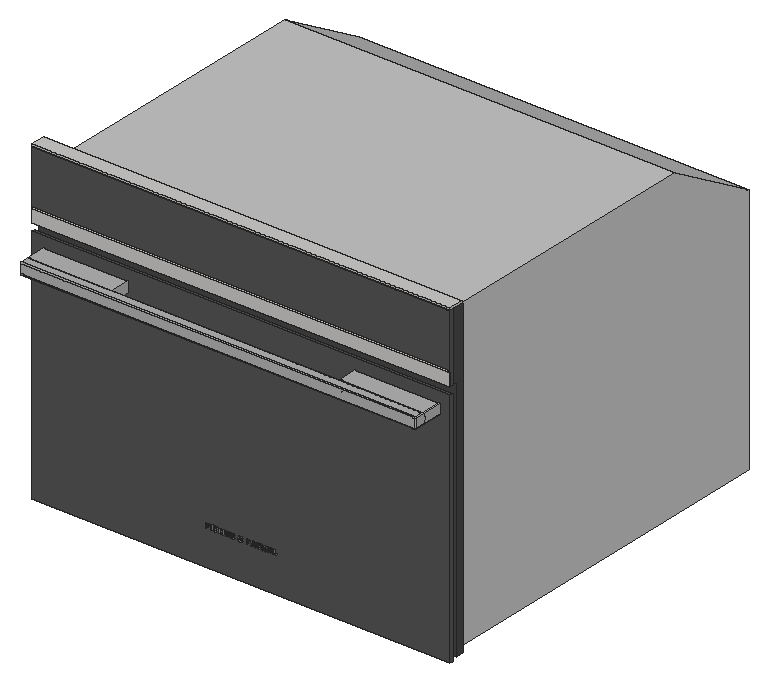
Revit family "FP_Revit_18_OM60NDB1_Microwave_Oven_90000813A", category Specialty Equipment, Revit 2018
Family settings
  Round Connector Dimension = Use Diameter
  Part Type = Normal
  OmniClass Number = 23.40.40.14.17.31
  OmniClass Title = Small Specialized Cooking Equipment
  Work Plane-Based = No
  Always vertical = Yes
  Cut with Voids When Loaded = Yes
  Shared = No
  Room Calculation Point = No
Parameters (values of type "OM60NDB1")
  Visibility - Clearance Required = yes
  URL = "www.fisherpaykel.com"
  Product - Width = 596 mm  # constant formula
  Product - Height = 458 mm  # constant formula
  Product - Depth = 562 mm  # constant formula
  Model = "OM60NDB1"
  Material - Trim = Fisher & Paykel - Stainless Steel
  Material - Structure = Fisher & Paykel - Black
  Material - Handle = Fisher & Paykel - Aluminium
  Material - Glass = Fisher & Paykel - Glass, Black
  Material - Body = Fisher & Paykel - Grey
  Manufacturer = "Fisher & Paykel Appliances"
  FFL Offset [instance] = 900 mm
  Description = "60cm Microwave Oven"
  Connector Description - Electrical = "220-240 V, 50 Hz, 14.5 A"
  Chassis - Width = 556 mm  # constant formula
  Chassis - Height = 446 mm  # constant formula
  Chassis - Depth = 540 mm  # constant formula
  Cavity - Width = 560 mm  # constant formula
  Cavity - Height = 460 mm  # constant formula
  Cavity - Depth = 560 mm  # constant formula
Reference planes
  plane 1 "Center (Front/Back)": y = 0
  plane 2: z = 0
  plane 3 "Center (Left/Right)": x = 0
  plane 4: z = 1360
  plane 5: z = 1358
  plane 6 "Product LHS": x = -298
  plane 7 "Product RHS": x = 298
  plane 8 "Product - Depth": y = 0
  plane 9 "Cavity LHS": x = -300
  plane 10 "Cavity RHS": x = 300
  plane 11 "Cavity - Depth": y = 560
  plane 12 "Front Face": y = -22
  plane 13 "Chassis - Height": z = 0
  plane 14 "Product Depth": y = 540
  plane 15 "FFL Offset": z = 900
Forms (mm)
  Extrusion 1, solid, material "Fisher & Paykel - Grey" <- "Material - Body"
    sketch origin (0, 0, 0) x (0, 1, 0) y (0, 0, 1)
      loop
        line (0, 1346) -> (0, 907.28) -> (5.16, 907.28) -> (5.16, 900) -> (534.187, 900) -> (534.187, 1257.991) -> (403.295, 1336.64) -> (24.316, 1336.64) -> (8.71, 1346) -> (0, 1346)
    from -278 to 278
  Extrusion 2, solid, material "Fisher & Paykel - Black" <- "Material - Structure", detail levels fine
    sketch origin (0, 0, 0) x (0, 1, 0) y (0, 0, 1)
      loop
        line (0, 1353.9) -> (-2, 1353.9) -> (-2, 1355) -> (-18, 1355) -> (-18, 1258) -> (-9.89, 1258) -> (-9.89, 907.28) -> (0, 907.28) -> (0, 1353.9)
    from -298 to 298
  Extrusion 3, solid, material "Fisher & Paykel - Stainless Steel" <- "Material - Trim", detail levels fine
    sketch origin (0, 0, 0) x (0, 1, 0) y (0, 0, 1)
      loop
        line (-22, 1358) -> (-22, 1355) -> (-2, 1355) -> (-2, 1358) -> (-22, 1358)
    from -298 to 298
  Extrusion 4, solid, material "Fisher & Paykel - Glass, Black" <- "Material - Glass", detail levels fine
    sketch origin (0, 0, 0) x (0, 1, 0) y (0, 0, 1)
      loop
        line (-18, 1355) -> (-20.262, 1355)
        arc (-20.262, 1355) -> (-21.236, 1354.682) -> (-22, 1354) r 2.5
        line (-22, 1354) -> (-22, 1258) -> (-18, 1258) -> (-18, 1355)
    from -298 to 298
  Extrusion 5, solid, material "Fisher & Paykel - Glass, Black" <- "Material - Glass", detail levels fine
    sketch origin (0, 0, 0) x (0, 1, 0) y (0, 0, 1)
      loop
        line (-22, 1246.53) -> (-22, 904.53) -> (-18, 904.53) -> (-18, 1246.53) -> (-22, 1246.53)
    from -298 to 298
  Extrusion 6, solid, material "Fisher & Paykel - Black" <- "Material - Structure", detail levels fine
    sketch origin (0, 0, 0) x (0, 1, 0) y (0, 0, 1)
      loop
        line (-18, 1229.33) -> (-18, 907.28) -> (-9.89, 907.28) -> (-9.89, 1229.33) -> (-18, 1229.33)
    from -278 to 278
  Extrusion 7, void
    sketch origin (0, 0, 0) x (1, 0, 0) y (0, 0, 1)
      loop
        line (-158.462, 1052.91) -> (-229.24, 1052.91)
        arc (-229.24, 1052.91) -> (-232.776, 1051.446) -> (-234.24, 1047.91) r 5
        line (-234.24, 1047.91) -> (-234.24, 955.13)
        arc (-234.24, 955.13) -> (-232.776, 951.594) -> (-229.24, 950.13) r 5
        line (-229.24, 950.13) -> (-158.462, 950.13)
        arc (-158.462, 950.13) -> (-154.926, 951.594) -> (-153.462, 955.13) r 5
        line (-153.462, 955.13) -> (-153.462, 1047.91)
        arc (-153.462, 1047.91) -> (-154.926, 1051.446) -> (-158.462, 1052.91) r 5
    from -539.6 to -521.6
  Sweep 8, void
    path in 3D
      loop
        arc (-153.462, 521.6, 955.13) -> (-154.926, 521.6, 951.594) -> (-158.462, 521.6, 950.13) r 5
        line (-158.462, 521.6, 950.13) -> (-229.24, 521.6, 950.13)
        arc (-229.24, 521.6, 950.13) -> (-232.776, 521.6, 951.594) -> (-234.24, 521.6, 955.13) r 5
        line (-234.24, 521.6, 955.13) -> (-234.24, 521.6, 1047.91)
        arc (-234.24, 521.6, 1047.91) -> (-232.776, 521.6, 1051.446) -> (-229.24, 521.6, 1052.91) r 5
        line (-229.24, 521.6, 1052.91) -> (-158.462, 521.6, 1052.91)
        arc (-158.462, 521.6, 1052.91) -> (-154.926, 521.6, 1051.446) -> (-153.462, 521.6, 1047.91) r 5
        line (-153.462, 521.6, 1047.91) -> (-153.462, 521.6, 955.13)
    profile origin (-153.462, 521.6, 1001.52) x (-1, 0, 0) y (0, -1, 0)
      loop
        line (0, 0) -> (-21.3, -12.587) -> (0, -12.587) -> (0, 0)
  Extrusion 9, solid, material "Fisher & Paykel - Grey" <- "Material - Body", detail levels medium+fine
    sketch origin (0, 0, -100) x (1, 0, 0) y (0, 0, 1)
      loop
        line (-175.354, 1115.273) -> (-212.354, 1115.273) -> (-212.354, 1057.273) -> (-175.354, 1057.273) -> (-175.354, 1115.273)
    from -540 to -521.6
  Extrusion 10, solid, material "Fisher & Paykel - Stainless Steel" <- "Material - Trim", detail levels fine
    sketch origin (0, 0, 0) x (0, 1, 0) y (0, 0, 1)
      loop
        line (-22, 1258) -> (-22, 1277.8) -> (-22.8, 1277.8) -> (-23.7, 1275.5) -> (-23.7, 1258) -> (-22, 1258)
    from -298 to 298
  Extrusion 11, solid, material "Fisher & Paykel - Clearance Required", visible <- "Visibility - Clearance Required", detail levels coarse
    sketch origin (0, 0, 0) x (1, 0, 0) y (0, 1, 0)
      loop
        line (-280, 0) -> (280, 0) -> (280, 548.619) -> (-280, 548.619) -> (-280, 0)
    from 900 to 1360
  Extrusion 12, solid, material "Fisher & Paykel - Clearance Required", visible <- "Visibility - Clearance Required", detail levels coarse
    sketch origin (0, 0, 0) x (0, 1, 0) y (0, 0, 1)
      loop
        arc (-22, 1246.53) -> (-241.159, 1161.206) -> (-341.563, 948.532) r 317.644
        line (-341.563, 948.532) -> (-326.406, 946.445) -> (-332.106, 905.048) -> (-316.871, 902.951) -> (-311.171, 944.347) -> (-22, 904.53) -> (-22, 900) -> (0, 900) -> (0, 1360) -> (-22, 1360) -> (-22, 1246.53)
    from -300 to 300
  Sweep 13, solid, material "Fisher & Paykel - Grey" <- "Material - Body", detail levels fine
    path origin (0, 0, -100) x (0, 1, 0) y (0, 0, 1)
      loop
        arc (530.8, 1057.273) -> (536.019, 1044.673) -> (548.619, 1039.454) r 17.819
    profile origin (0, 536.019, 944.673) x (0, 0.707107, 0.707107) y (1, 0, 0)
      loop
        circle (0, -193.854) r 5
  Extrusion 14, solid, material "Fisher & Paykel - Glass, Black" <- "Material - Glass", detail levels coarse+medium
    sketch origin (0, 0, 0) x (0, 1, 0) y (0, 0, 1)
      loop
        line (-22, 1358) -> (-22, 1258) -> (-9.89, 1258) -> (-9.89, 1229.33) -> (-18, 1229.33) -> (-18, 1246.53) -> (-22, 1246.53) -> (-22, 904.53) -> (-18, 904.53) -> (-18, 907.28) -> (0, 907.28) -> (0, 1353.9) -> (-2, 1353.9) -> (-2, 1358) -> (-22, 1358)
    from -298 to 298
  Extrusion 15, solid, material "Fisher & Paykel - Grey" <- "Material - Body", not visible, detail levels medium+fine
    sketch origin (0, 0, 0) x (1, 0, 0) y (0, 0, 1)
      loop
        line (-175.354, 1115.273) -> (-212.354, 1115.273) -> (-212.354, 1057.273) -> (-175.354, 1057.273) -> (-175.354, 1115.273)
    from -540 to -521.6
  Sweep 16, solid, material "Fisher & Paykel - Grey" <- "Material - Body", not visible, detail levels fine
    path origin (0, 0, 0) x (0, 1, 0) y (0, 0, 1)
      loop
        arc (530.8, 1057.273) -> (536.019, 1044.673) -> (548.619, 1039.454) r 17.819
    profile origin (0, 536.019, 1044.673) x (0, 0.707107, 0.707107) y (1, 0, 0)
      loop
        circle (0, -193.854) r 5
  Extrusion 17, void
    sketch origin (0, 0, 0) x (1, 0, 0) y (0, 1, 0)
      loop
        line (-280, 0) -> (280, 0) -> (280, 548.619) -> (-280, 548.619) -> (-280, 0)
    from 900 to 1360
  Extrusion 18, solid, material "Fisher & Paykel - Clearance Required", visible <- "Visibility - Clearance Required", detail levels coarse
    sketch origin (0, 0, 0) x (0, 1, 0) y (0, 0, 1)
      loop
        arc (-22, 1246.53) -> (-241.159, 1161.206) -> (-341.563, 948.532) r 317.644
        line (-341.563, 948.532) -> (-326.406, 946.445) -> (-332.106, 905.048) -> (-316.871, 902.951) -> (-311.171, 944.347) -> (-22, 904.53) -> (-22, 900) -> (0, 900) -> (0, 1360) -> (-22, 1360) -> (-22, 1246.53)
    from -300 to 300
  Extrusion 19, void
    sketch origin (0, 0, 0) x (0, 1, 0) y (0, 0, 1)
      loop
        line (-22, 1360) -> (-22, 900) -> (0, 900) -> (0, 1360) -> (-22, 1360)
    from -300 to 300
Cuts and joins
  Extrusion 7, Sweep 8 cuts Extrusion 1
  Extrusion 7 cuts Extrusion 2
  Extrusion 7 cuts Extrusion 5
  Extrusion 7 cuts Extrusion 6
Lines and regions (mm)
  sketch lines
    curve 1: line (-153.462, 521.6, 1047.91) -> (-153.462, 521.6, 955.13)
    curve 2: arc (-153.462, 521.6, 1047.91) -> (-154.926, 521.6, 1051.446) -> (-158.462, 521.6, 1052.91) r 5
    curve 3: line (-229.24, 521.6, 1052.91) -> (-158.462, 521.6, 1052.91)
    curve 4: arc (-229.24, 521.6, 1052.91) -> (-232.776, 521.6, 1051.446) -> (-234.24, 521.6, 1047.91) r 5
    curve 5: line (-234.24, 521.6, 955.13) -> (-234.24, 521.6, 1047.91)
    curve 6: arc (-234.24, 521.6, 955.13) -> (-232.776, 521.6, 951.594) -> (-229.24, 521.6, 950.13) r 5
    curve 7: arc (-158.462, 521.6, 950.13) -> (-154.926, 521.6, 951.594) -> (-153.462, 521.6, 955.13) r 5
    curve 8: line (-158.462, 521.6, 950.13) -> (-229.24, 521.6, 950.13)
Text (mm)
  text "Due to ongoing product development, product details are subject to change without notice. \nPlease always refer to www.fisherpaykel.com for the most current product information. \n© Fisher & Paykel 2020" at (41.04, -413.295, 0), in view "Ref. Level (Plan)"
Dimensions and locks
  equal spacing: plane 6 "Product LHS", plane 3 "Center (Left/Right)", plane 7 "Product RHS"
  "Product - Width": plane 6 "Product LHS" to plane 7 "Product RHS"
  equal spacing: plane 9 "Cavity LHS", plane 3 "Center (Left/Right)", plane 10 "Cavity RHS"
  locked: plane 9 "Cavity LHS" to plane 10 "Cavity RHS" at 600
  "Cavity - Depth": plane 11 "Cavity - Depth" to plane 1 "Center (Front/Back)"
  locked: plane 12 "Front Face" to plane 1 "Center (Front/Back)" at 22
  "Chassis - Depth": plane 1 "Center (Front/Back)" to plane 14 "Product Depth"
  Extrusion 1 sketch curve to plane 14 "Product Depth" = 5.813 mm
  equal spacing: cut or joined group of Extrusion 1, Extrusion 7, Sweep 8, plane 3 "Center (Left/Right)", cut or joined group of Extrusion 1, Extrusion 7, Sweep 8
  "Chassis - Width": cut or joined group of Extrusion 1, Extrusion 7, Sweep 8 to cut or joined group of Extrusion 1, Extrusion 7, Sweep 8
  "FFL Offset": plane 15 "FFL Offset" to level
  locked: nested 2 to plane 15 "FFL Offset" at 61.04
  locked: cut or joined group of Extrusion 1, Extrusion 7, Sweep 8 to plane 15 "FFL Offset" at 7.28
  locked: Extrusion 14 to plane 15 "FFL Offset" at 4.53
  locked: cut or joined group of Extrusion 1, Extrusion 7, Sweep 8 to plane 15 "FFL Offset" at 436.64
  "Chassis - Height": cut or joined group of Extrusion 1, Extrusion 7, Sweep 8 to plane 15 "FFL Offset"
  Extrusion 11 to plane 15 "FFL Offset" = 460 mm
  locked: plane 15 "FFL Offset" to Extrusion 9 at 57.273
  locked: plane 15 "FFL Offset" to cut or joined group of Extrusion 1, Extrusion 7, Sweep 8 at 50.13
  "Product - Height": plane 5 to plane 15 "FFL Offset"
  "Cavity - Height": plane 4 to plane 15 "FFL Offset"
  locked: nested 1 to plane 15 "FFL Offset" at 330.978
  locked: plane 5 to Extrusion 14 at 100
  locked: plane 5 to Extrusion 14 at 111.47
  locked: Extrusion 12 sketch curve to plane 15 "FFL Offset" at 4.53
  locked: plane 15 "FFL Offset" to Extrusion 7 sketch curve at 152.91
  locked: plane 15 "FFL Offset" to Extrusion 7 sketch curve at 50.13
  "Cavity - Width": Extrusion 17 to Extrusion 17
  aligned and locked: level to plane 2
  aligned and locked: Extrusion 3 sketch curve to plane 5
  aligned and locked: plane 6 "Product LHS" to Extrusion 5
  aligned and locked: Extrusion 5 to plane 7 "Product RHS"
  aligned and locked: Extrusion 4 to plane 7 "Product RHS"
  aligned and locked: plane 6 "Product LHS" to Extrusion 4
  aligned and locked: plane 6 "Product LHS" to Extrusion 3
  aligned and locked: Extrusion 3 to plane 7 "Product RHS"
  aligned and locked: plane 6 "Product LHS" to Extrusion 2
  aligned and locked: Extrusion 2 to plane 7 "Product RHS"
  aligned and locked: plane 14 "Product Depth" to Extrusion 9
  aligned and locked: cut or joined group of Extrusion 1, Extrusion 7, Sweep 8 to Extrusion 9
  aligned and locked: Extrusion 10 to plane 7 "Product RHS"
  aligned and locked: plane 6 "Product LHS" to Extrusion 10
  aligned and locked: Extrusion 14 to plane 7 "Product RHS"
  aligned and locked: plane 6 "Product LHS" to Extrusion 14
  aligned and locked: Extrusion 1 to plane 15 "FFL Offset"
  aligned and locked: Extrusion 11 to cut or joined group of Extrusion 1, Extrusion 7, Sweep 8
  aligned and locked: Extrusion 14 to cut or joined group of Extrusion 1, Extrusion 7, Sweep 8
  aligned and locked: Extrusion 2 to cut or joined group of Extrusion 1, Extrusion 7, Sweep 8
  aligned and locked: Extrusion 6 to cut or joined group of Extrusion 1, Extrusion 7, Sweep 8
  aligned and locked: plane 5 to Extrusion 3
  aligned and locked: plane 5 to Extrusion 14
  aligned and locked: Extrusion 10 to Extrusion 4
  aligned and locked: Extrusion 14 to Extrusion 4
  aligned and locked: Extrusion 4 to cut or joined group of Extrusion 2, Extrusion 7
  aligned and locked: Extrusion 5 to Extrusion 14  (x2)
  aligned and locked: plane 4 to Extrusion 11
  aligned and locked: Extrusion 11 to Sweep 13
  aligned and locked: Extrusion 12 sketch curve to plane 15 "FFL Offset"
  aligned and locked: Extrusion 12 sketch curve to plane 4
  aligned and locked: plane 4 to Extrusion 17
  aligned and locked: Extrusion 17 to cut or joined group of Extrusion 1, Extrusion 7, Sweep 8
  aligned and locked: plane 15 "FFL Offset" to Extrusion 19 sketch curve
  aligned and locked: Extrusion 19 sketch curve to plane 4
Automatic sketch dimensions
  Extrusion 9 sketch curve to Extrusion 9 sketch curve = 37 mm
  Extrusion 9 sketch curve to Extrusion 9 sketch curve = 58 mm
  Sweep 13 sketch curve to profile plane = 0 mm
  Sweep 13 sketch curve to Sweep 13 sketch curve = 17.819 mm
  Sweep 13 sketch curve to profile plane = 193.854 mm
  Extrusion 15 sketch curve to Extrusion 15 sketch curve = 37 mm
  Extrusion 15 sketch curve to Extrusion 15 sketch curve = 58 mm
  Sweep 16 sketch curve to profile plane = 0 mm
  Sweep 16 sketch curve to Sweep 16 sketch curve = 17.819 mm
  Sweep 16 sketch curve to profile plane = 193.854 mm
  Extrusion 1 sketch curve to plane 1 "Center (Front/Back)" = 0 mm
  Extrusion 1 sketch curve to plane 15 "FFL Offset" = 0 mm
  Extrusion 1 sketch curve to plane 1 "Center (Front/Back)" = 5.16 mm
  Extrusion 1 sketch curve to Extrusion 1 sketch curve = 8.71 mm
  Extrusion 1 sketch curve to Extrusion 1 sketch curve = 15.606 mm
  Extrusion 1 sketch curve to plane 5 = 21.36 mm
  Extrusion 1 sketch curve to plane 14 "Product Depth" = 136.705 mm
  Extrusion 1 sketch curve to Extrusion 1 sketch curve = 7.28 mm
  Extrusion 1 sketch curve to plane 5 = 100.009 mm
  Extrusion 1 sketch curve to plane 5 = 12 mm
  Extrusion 2 sketch curve to plane 1 "Center (Front/Back)" = 0 mm
  plane 1 "Center (Front/Back)" to Extrusion 2 sketch curve = 2 mm
  plane 1 "Center (Front/Back)" to Extrusion 2 sketch curve = 9.89 mm
  plane 12 "Front Face" to Extrusion 2 sketch curve = 4 mm
  plane 15 "FFL Offset" to Extrusion 2 sketch curve = 7.28 mm
  Extrusion 2 sketch curve to plane 5 = 100 mm
  Extrusion 2 sketch curve to plane 5 = 4.1 mm
  Extrusion 2 sketch curve to Extrusion 2 sketch curve = 1.1 mm
  Extrusion 3 sketch curve to plane 12 "Front Face" = 0 mm
  plane 1 "Center (Front/Back)" to Extrusion 3 sketch curve = 2 mm
  Extrusion 3 sketch curve to plane 5 = 3 mm
  Extrusion 4 sketch curve to plane 12 "Front Face" = 0 mm
  plane 12 "Front Face" to Extrusion 4 sketch curve = 1.738 mm
  plane 12 "Front Face" to Extrusion 4 sketch curve = 2.011 mm
  plane 12 "Front Face" to Extrusion 4 sketch curve = 4 mm
  Extrusion 4 sketch curve to plane 5 = 100 mm
  Extrusion 4 sketch curve to plane 5 = 5.485 mm
  Extrusion 4 sketch curve to Extrusion 4 sketch curve = 1.485 mm
  Extrusion 5 sketch curve to plane 12 "Front Face" = 0 mm
  plane 12 "Front Face" to Extrusion 5 sketch curve = 4 mm
  plane 15 "FFL Offset" to Extrusion 5 sketch curve = 4.53 mm
  Extrusion 5 sketch curve to plane 5 = 111.47 mm
  plane 12 "Front Face" to Extrusion 6 sketch curve = 4 mm
  Extrusion 6 sketch curve to Extrusion 6 sketch curve = 8.11 mm
  plane 15 "FFL Offset" to Extrusion 6 sketch curve = 7.28 mm
  Extrusion 6 sketch curve to plane 5 = 128.67 mm
  Extrusion 7 sketch curve to plane 6 "Product LHS" = 63.76 mm
  Extrusion 7 sketch curve to Extrusion 7 sketch curve = 5 mm  (x3)
  Extrusion 7 sketch curve to Extrusion 7 sketch curve = 70.778 mm  (x2)
  Sweep 8 sketch curve to profile plane = 0 mm  (x2)
  Sweep 8 sketch curve to profile plane = 21.3 mm
  profile plane to Sweep 8 sketch curve = 12.587 mm
  Extrusion 10 sketch curve to plane 12 "Front Face" = 0 mm
  Extrusion 10 sketch curve to Extrusion 10 sketch curve = 0.8 mm
  Extrusion 10 sketch curve to plane 12 "Front Face" = 1.7 mm
  Extrusion 10 sketch curve to plane 5 = 100 mm
  Extrusion 10 sketch curve to Extrusion 10 sketch curve = 17.5 mm
  Extrusion 10 sketch curve to Extrusion 10 sketch curve = 2.3 mm
  plane 1 "Center (Front/Back)" to Extrusion 11 sketch curve = 0 mm
  plane 14 "Product Depth" to Extrusion 11 sketch curve = 8.619 mm
  Extrusion 11 sketch curve to plane 6 "Product LHS" = 18 mm
  plane 7 "Product RHS" to Extrusion 11 sketch curve = 18 mm
  Extrusion 12 sketch curve to plane 12 "Front Face" = 0 mm  (x2)
  Extrusion 12 sketch curve to plane 1 "Center (Front/Back)" = 0 mm
  Extrusion 12 sketch curve to plane 12 "Front Face" = 2.526 mm
  plane 15 "FFL Offset" to Extrusion 12 sketch curve = 44.347 mm
  Extrusion 12 sketch curve to Extrusion 12 sketch curve = 286.644 mm
  plane 15 "FFL Offset" to Extrusion 12 sketch curve = 2.951 mm
  plane 15 "FFL Offset" to Extrusion 12 sketch curve = 46.445 mm
  Extrusion 12 sketch curve to Extrusion 12 sketch curve = 15.235 mm
  plane 15 "FFL Offset" to Extrusion 12 sketch curve = 48.532 mm
  Extrusion 12 sketch curve to Extrusion 12 sketch curve = 24.366 mm
  Extrusion 14 sketch curve to plane 5 = 0 mm
  Extrusion 14 sketch curve to plane 12 "Front Face" = 0 mm  (x2)
  Extrusion 14 sketch curve to plane 1 "Center (Front/Back)" = 0 mm
  plane 12 "Front Face" to Extrusion 14 sketch curve = 4 mm  (x2)
  plane 1 "Center (Front/Back)" to Extrusion 14 sketch curve = 9.89 mm
  plane 1 "Center (Front/Back)" to Extrusion 14 sketch curve = 2 mm
  Extrusion 14 sketch curve to plane 5 = 4.1 mm
  Extrusion 14 sketch curve to Extrusion 14 sketch curve = 95.9 mm
  Extrusion 14 sketch curve to Extrusion 14 sketch curve = 11.47 mm
  Extrusion 14 sketch curve to Extrusion 14 sketch curve = 17.2 mm
  plane 15 "FFL Offset" to Extrusion 14 sketch curve = 7.28 mm
  Extrusion 14 sketch curve to Extrusion 14 sketch curve = 2.75 mm
  plane 1 "Center (Front/Back)" to Extrusion 17 sketch curve = 0 mm
  plane 14 "Product Depth" to Extrusion 17 sketch curve = 8.619 mm
  Extrusion 17 sketch curve to plane 6 "Product LHS" = 18 mm
  plane 7 "Product RHS" to Extrusion 17 sketch curve = 18 mm
  Extrusion 18 sketch curve to plane 12 "Front Face" = 0 mm  (x2)
  Extrusion 18 sketch curve to plane 1 "Center (Front/Back)" = 0 mm
  Extrusion 18 sketch curve to plane 15 "FFL Offset" = 0 mm
  Extrusion 18 sketch curve to plane 4 = 0 mm
  Extrusion 18 sketch curve to plane 12 "Front Face" = 2.526 mm
  plane 15 "FFL Offset" to Extrusion 18 sketch curve = 44.347 mm
  Extrusion 18 sketch curve to Extrusion 18 sketch curve = 286.644 mm
  plane 15 "FFL Offset" to Extrusion 18 sketch curve = 2.951 mm
  Extrusion 18 sketch curve to Extrusion 18 sketch curve = 5.7 mm
  plane 15 "FFL Offset" to Extrusion 18 sketch curve = 46.445 mm
  Extrusion 18 sketch curve to Extrusion 18 sketch curve = 15.235 mm
  plane 15 "FFL Offset" to Extrusion 18 sketch curve = 48.532 mm
  Extrusion 18 sketch curve to Extrusion 18 sketch curve = 24.366 mm
  Extrusion 19 sketch curve to plane 12 "Front Face" = 0 mm
  Extrusion 19 sketch curve to plane 1 "Center (Front/Back)" = 0 mm
  radius of Sweep 13 sketch curve = 5 mm
  radius of Sweep 16 sketch curve = 5 mm
Nested families
  nested 1: "F&P Handle Contemporary Square OB60-24" at (0, -22, 1223), type "Aluminium"
  nested 2: "F&P Logo 100mm" at (0, -22, 955), type "F&P Logo 100mm"
Connectors
  electrical at (-193.854, 548.619, 939.454), driven by "Connector Description - Electrical"
    settings: on Sweep 13, index 1, voltage 230 V, apparent load 0 VA, apparent load phase1 0 VA, apparent load phase2 0 VA, apparent load phase3 0 VA, power factor 1, load classification "Other", number of poles 1, system type 30, power factor state 1, is connector primary yes, connector utility no, sub classification motor no, connector description "220-240 V, 50 Hz, 14.5 A"
Definition of nested family "F&P Handle Contemporary Square OB60-24"
  Parameters (values of type "Aluminium Dark")
    URL = "www.fisherpaykel.com"
    Material - Handle = none
    Manufacturer = "Fisher & Paykel Appliances"
    Handle - Length = 565 mm
  Types (2): name
    Aluminium
    Aluminium Dark
  Reference planes
    plane 1 "Center (Front/Back)": y = 0
    plane 2: z = 0
    plane 3 "Center (Left/Right)": x = 0
    plane 4 "Product LHS": x = -282.5
    plane 5 "Product RHS": x = 282.5
    plane 6 "LHS Standoff": x = -162.495
    plane 7 "RHS Standoff": x = 162.505
  Forms (mm)
    Extrusion 1, solid, material <- "Material - Handle", detail levels fine
      sketch origin (0, 0, 0) x (0, 1, 0) y (0, 0, 1)
        loop
          arc (-28.701, 7.561) -> (-29.057, 7.868) -> (-29.514, 7.978) r 1
          line (-29.514, 7.978) -> (-40.5, 7.978)
          arc (-40.5, 7.978) -> (-41.561, 7.539) -> (-42, 6.478) r 1.5
          line (-42, 6.478) -> (-42, -6.522)
          arc (-42, -6.522) -> (-41.561, -7.583) -> (-40.5, -8.022) r 1.5
          line (-40.5, -8.022) -> (-29.487, -8.022)
          arc (-29.487, -8.022) -> (-29.029, -7.911) -> (-28.673, -7.602) r 1
          arc (-28.673, -7.602) -> (-26.256, -0.016) -> (-28.701, 7.561) r 13.038
      from -282.5 to 282.5
    Extrusion 2, solid, material <- "Material - Handle", detail levels fine
      sketch origin (0, 0, 0) x (0, 1, 0) y (0, 0, 1)
        loop
          arc (-28.23, 7.062) -> (-26.156, 0.008) -> (-28.198, -7.056) r 13.136
          arc (-28.198, -7.056) -> (-28.21, -7.463) -> (-27.86, -7.67) r 0.4
          line (-27.86, -7.67) -> (0, -7.67) -> (0, 7.678) -> (-27.893, 7.678)
          arc (-27.893, 7.678) -> (-28.244, 7.47) -> (-28.23, 7.062) r 0.4
      from 162.505 to 282.5
    Extrusion 3, solid, material <- "Material - Handle", detail levels fine
      sketch origin (0, 0, 0) x (0, 1, 0) y (0, 0, -1)
        loop
          arc (-28.23, -7.062) -> (-28.244, -7.47) -> (-27.893, -7.678) r 0.4
          line (-27.893, -7.678) -> (0, -7.678) -> (0, 7.67) -> (-27.86, 7.67)
          arc (-27.86, 7.67) -> (-28.21, 7.463) -> (-28.198, 7.056) r 0.4
          arc (-28.198, 7.056) -> (-26.156, -0.008) -> (-28.23, -7.062) r 13.136
      from 162.495 to 282.5
    Sweep 4, void
      path in 3D
        loop
          line (282.5, -29.514, 7.978) -> (282.5, -40.5, 7.978)
          arc (282.5, -40.5, 7.978) -> (282.5, -41.561, 7.539) -> (282.5, -42, 6.478) r 1.5
          line (282.5, -42, 6.478) -> (282.5, -42, -6.522)
          arc (282.5, -42, -6.522) -> (282.5, -41.561, -7.583) -> (282.5, -40.5, -8.022) r 1.5
          line (282.5, -40.5, -8.022) -> (282.5, -29.487, -8.022)
      profile origin (282.5, -35.007, 7.978) x (1, 0, 0) y (0, 0, 1)
        loop
          line (0, 0) -> (-1.3, 0) -> (0, -1.3) -> (0, 0)
    Sweep 5, void
      path in 3D
        loop
          line (-282.5, -29.487, -8.022) -> (-282.5, -40.5, -8.022)
          arc (-282.5, -40.5, -8.022) -> (-282.5, -41.561, -7.583) -> (-282.5, -42, -6.522) r 1.5
          line (-282.5, -42, -6.522) -> (-282.5, -42, 6.478)
          arc (-282.5, -42, 6.478) -> (-282.5, -41.561, 7.539) -> (-282.5, -40.5, 7.978) r 1.5
          line (-282.5, -40.5, 7.978) -> (-282.5, -29.514, 7.978)
      profile origin (-282.5, -35.007, 7.978) x (-1, 0, 0) y (0, 0, 1)
        loop
          line (0, 0) -> (-1.3, 0) -> (0, -1.3) -> (0, 0)
    Extrusion 6, void
      sketch origin (0, 0, 0) x (1, 0, 0) y (0, 0, 1)
        loop
          line (282.5, 7.978) -> (281.2, 7.978) -> (282.5, 6.678) -> (282.5, 7.978)
        loop
          line (282.5, -8.022) -> (282.5, -6.722) -> (281.2, -8.022) -> (282.5, -8.022)
      from 0 to 40
    Extrusion 7, void
      sketch origin (0, 0, 0) x (1, 0, 0) y (0, 0, 1)
        loop
          line (-282.5, 7.978) -> (-282.5, 6.678) -> (-281.2, 7.978) -> (-282.5, 7.978)
        loop
          line (-282.5, -8.022) -> (-281.2, -8.022) -> (-282.5, -6.722) -> (-282.5, -8.022)
      from 0 to 40
    Extrusion 8, solid, material <- "Material - Handle", detail levels coarse+medium
      sketch origin (0, 0, 0) x (1, 0, 0) y (0, 1, 0)
        loop
          line (-282.5, -42) -> (282.5, -42) -> (282.5, 0) -> (162.505, 0) -> (162.505, -26.156) -> (-162.495, -26.156) -> (-162.495, 0) -> (-282.5, 0) -> (-282.5, -42)
      from -8.022 to 7.978
  Cuts and joins
    Sweep 4, Sweep 5, Extrusion 6, Extrusion 7 cuts Extrusion 1
    Extrusion 6 cuts Extrusion 2
    Extrusion 7 cuts Extrusion 3
  Lines and regions (mm)
    sketch lines
      curve 1: line (282.5, -29.514, 7.978) -> (282.5, -40.5, 7.978)
      curve 2: arc (282.5, -42, 6.478) -> (282.5, -41.561, 7.539) -> (282.5, -40.5, 7.978) r 1.5
      curve 3: line (282.5, -42, 6.478) -> (282.5, -42, -6.522)
      curve 4: arc (282.5, -40.5, -8.022) -> (282.5, -41.561, -7.583) -> (282.5, -42, -6.522) r 1.5
      curve 5: line (282.5, -40.5, -8.022) -> (282.5, -29.487, -8.022)
      curve 6: line (-282.5, -40.5, 7.978) -> (-282.5, -29.514, 7.978)
      curve 7: arc (-282.5, -40.5, 7.978) -> (-282.5, -41.561, 7.539) -> (-282.5, -42, 6.478) r 1.5
      curve 8: line (-282.5, -42, -6.522) -> (-282.5, -42, 6.478)
      curve 9: arc (-282.5, -42, -6.522) -> (-282.5, -41.561, -7.583) -> (-282.5, -40.5, -8.022) r 1.5
      curve 10: line (-282.5, -29.487, -8.022) -> (-282.5, -40.5, -8.022)
  Dimensions and locks
    equal spacing: plane 4 "Product LHS", plane 3 "Center (Left/Right)", plane 5 "Product RHS"
    "Handle - Length": plane 4 "Product LHS" to plane 5 "Product RHS"
    locked: plane 4 "Product LHS" to plane 6 "LHS Standoff" at 120.005
    locked: plane 7 "RHS Standoff" to plane 5 "Product RHS" at 119.995
    aligned and locked: level to plane 2
    aligned and locked: Extrusion 1 to plane 5 "Product RHS"
    aligned and locked: plane 4 "Product LHS" to Extrusion 1
    aligned and locked: Extrusion 2 to plane 5 "Product RHS"
    aligned and locked: plane 4 "Product LHS" to Extrusion 3
    aligned and locked: plane 4 "Product LHS" to Extrusion 8 sketch curve
    aligned and locked: Extrusion 8 sketch curve to plane 5 "Product RHS"
    aligned and locked: Extrusion 8 sketch curve to plane 7 "RHS Standoff"
    aligned and locked: plane 6 "LHS Standoff" to Extrusion 8 sketch curve
    aligned and locked: Extrusion 2 to plane 7 "RHS Standoff"
    aligned and locked: plane 6 "LHS Standoff" to Extrusion 3
  Automatic sketch dimensions
    Extrusion 1 sketch curve to level = 6.522 mm
    plane 1 "Center (Front/Back)" to Extrusion 1 sketch curve = 42 mm
    Extrusion 1 sketch curve to Extrusion 1 sketch curve = 1.5 mm  (x2)
    Extrusion 1 sketch curve to level = 0.04 mm
    Extrusion 1 sketch curve to Extrusion 1 sketch curve = 1.206 mm
    level to Extrusion 1 sketch curve = 6.978 mm
    Extrusion 1 sketch curve to Extrusion 1 sketch curve = 10.986 mm
    Extrusion 1 sketch curve to Extrusion 1 sketch curve = 11.013 mm
    Extrusion 1 sketch curve to Extrusion 1 sketch curve = 1 mm
    level to Extrusion 1 sketch curve = 6.478 mm
    Extrusion 1 sketch curve to Extrusion 1 sketch curve = 0 mm
    Extrusion 2 sketch curve to plane 1 "Center (Front/Back)" = 0 mm
    Extrusion 2 sketch curve to level = 7.67 mm
    Extrusion 2 sketch curve to Extrusion 2 sketch curve = 27.86 mm
    level to Extrusion 2 sketch curve = 7.678 mm
    Extrusion 2 sketch curve to Extrusion 2 sketch curve = 0.033 mm
    Extrusion 2 sketch curve to level = 0.022 mm
    Extrusion 2 sketch curve to Extrusion 2 sketch curve = 11.398 mm
    Extrusion 2 sketch curve to Extrusion 2 sketch curve = 0.4 mm  (x2)
    Extrusion 2 sketch curve to Extrusion 2 sketch curve = 0 mm
    Extrusion 3 sketch curve to plane 1 "Center (Front/Back)" = 0 mm
    Extrusion 3 sketch curve to level = 7.67 mm
    Extrusion 3 sketch curve to Extrusion 3 sketch curve = 27.86 mm
    level to Extrusion 3 sketch curve = 7.678 mm
    Extrusion 3 sketch curve to Extrusion 3 sketch curve = 0.033 mm
    Extrusion 3 sketch curve to level = 0.022 mm
    Extrusion 3 sketch curve to Extrusion 3 sketch curve = 11.398 mm
    Extrusion 3 sketch curve to Extrusion 3 sketch curve = 0.4 mm  (x2)
    Extrusion 3 sketch curve to Extrusion 3 sketch curve = 0 mm
    profile plane to Sweep 4 sketch curve = 0 mm
    Sweep 4 sketch curve to profile plane = 0 mm
    Sweep 4 sketch curve to profile plane = 1.3 mm
    profile plane to Sweep 4 sketch curve = 1.3 mm
    Sweep 5 sketch curve to profile plane = 0 mm  (x2)
    profile plane to Sweep 5 sketch curve = 1.3 mm
    Sweep 5 sketch curve to profile plane = 1.3 mm
    plane 5 "Product RHS" to Extrusion 6 sketch curve = 0 mm  (x2)
    Extrusion 6 sketch curve to Extrusion 6 sketch curve = 1.3 mm  (x4)
    Extrusion 6 sketch curve to level = 6.722 mm
    level to Extrusion 6 sketch curve = 6.678 mm
    plane 4 "Product LHS" to Extrusion 7 sketch curve = 0 mm  (x2)
    Extrusion 7 sketch curve to plane 4 "Product LHS" = 1.3 mm  (x2)
    Extrusion 7 sketch curve to level = 8.022 mm
    level to Extrusion 7 sketch curve = 6.678 mm
    Extrusion 7 sketch curve to Extrusion 7 sketch curve = 1.3 mm  (x2)
    plane 1 "Center (Front/Back)" to Extrusion 8 sketch curve = 0 mm  (x2)
    Extrusion 8 sketch curve to Extrusion 8 sketch curve = 26.156 mm
    Extrusion 8 sketch curve to Extrusion 8 sketch curve = 42 mm
Definition of nested family "F&P Logo 100mm"
  Parameters (values of type "F&P Logo 100mm")
    URL = "www.fisherpaykel.com"
    Material - Logo = none
    Manufacturer = "Fisher & Paykel Appliances"
  Reference planes
    plane 1 "Center (Front/Back)": y = 0
    plane 2: z = 0
    plane 3 "Center (Left/Right)": x = 0
  Forms (mm)
    Extrusion 1, solid, material <- "Material - Logo", detail levels fine
      sketch origin (0, 0, 0) x (1, 0, 0) y (0, 0, 1)
        loop
          line (-50.044, 0) -> (-48.47, 0) -> (-48.47, 2.138) -> (-46.011, 2.138) -> (-46.011, 3.472) -> (-48.47, 3.472) -> (-48.47, 4.712) -> (-45.795, 4.712) -> (-45.795, 6.04) -> (-50.044, 6.04) -> (-50.044, 0)
        loop
          line (-42.804, 6.04) -> (-42.804, 0) -> (-41.23, 0) -> (-41.23, 6.04) -> (-42.804, 6.04)
        loop
          line (-30.724, 6.04) -> (-30.724, 0) -> (-29.151, 0) -> (-29.151, 2.42) -> (-26.839, 2.42) -> (-26.839, 0) -> (-25.265, 0) -> (-25.265, 6.04) -> (-26.839, 6.04) -> (-26.839, 3.748) -> (-29.151, 3.748) -> (-29.151, 6.04) -> (-30.724, 6.04)
        loop
          line (-21.906, 6.04) -> (-21.906, 0) -> (-17.602, 0) -> (-17.602, 1.328) -> (-20.347, 1.328) -> (-20.347, 2.42) -> (-17.838, 2.42) -> (-17.838, 3.748) -> (-20.347, 3.748) -> (-20.347, 4.712) -> (-17.602, 4.712) -> (-17.602, 6.04) -> (-21.906, 6.04)
        loop
          line (45.667, 6.04) -> (45.667, 0) -> (49.956, 0) -> (49.956, 1.328) -> (47.241, 1.328) -> (47.241, 6.04) -> (45.667, 6.04)
        loop
          line (42.431, 6.04) -> (38.112, 6.04) -> (38.112, 0) -> (42.431, 0) -> (42.431, 1.328) -> (39.687, 1.328) -> (39.687, 2.42) -> (42.195, 2.42) -> (42.195, 3.748) -> (39.687, 3.748) -> (39.687, 4.712) -> (42.431, 4.712) -> (42.431, 6.04)
        loop
          line (33.451, 3.148) -> (35.683, 6.04) -> (33.844, 6.04) -> (31.915, 3.542) -> (31.915, 6.04) -> (30.342, 6.04) -> (30.342, 0) -> (31.915, 0) -> (31.915, 2.705) -> (33.903, 0) -> (35.763, 0) -> (33.451, 3.148)
        loop
          line (21.98, 6.04) -> (24.262, 2.42) -> (24.262, 0) -> (25.837, 0) -> (25.837, 2.341) -> (28.119, 6.04) -> (26.446, 6.04) -> (25.099, 3.707) -> (23.753, 6.04) -> (21.98, 6.04)
        loop
          line (18.479, 6.04) -> (16.983, 6.04) -> (14.524, 0) -> (16.069, 0) -> (16.501, 1.112) -> (18.921, 1.112) -> (19.354, 0) -> (20.938, 0) -> (18.479, 6.04)
        loop
          line (18.4, 2.439) -> (17.693, 4.174) -> (17.018, 2.439) -> (18.4, 2.439)
        loop
          line (8.031, 6.04) -> (8.031, 0) -> (9.605, 0) -> (9.605, 1.938) -> (10.599, 1.938)
          arc (10.599, 1.938) -> (12.65, 3.989) -> (10.599, 6.04) r 2.051
          line (10.599, 6.04) -> (8.031, 6.04)
        loop
          line (9.605, 4.712) -> (9.605, 3.197) -> (10.501, 3.197)
          arc (10.501, 3.197) -> (11.259, 3.954) -> (10.501, 4.712) r 0.757
          line (10.501, 4.712) -> (9.605, 4.712)
        loop
          line (-11.783, 6.04) -> (-14.366, 6.04) -> (-14.366, 0) -> (-12.792, 0) -> (-12.792, 1.336) -> (-11.992, 1.336) -> (-10.972, 0) -> (-9.153, 0) -> (-10.694, 1.973)
          arc (-10.694, 1.973) -> (-9.678, 4.424) -> (-11.783, 6.04) r 2.179
        loop
          line (-11.897, 4.712) -> (-12.792, 4.712) -> (-12.792, 3.053) -> (-11.897, 3.053)
          arc (-11.897, 3.053) -> (-11.068, 3.882) -> (-11.897, 4.712) r 0.83
        loop
          line (0.477, 4.712) -> (0.477, 6.153) -> (-3.575, 6.153) -> (-3.575, 4.851) -> (-2.974, 4.112)
          arc (-2.974, 4.112) -> (-3.51, 0.684) -> (-0.045, 0.512) r 2.334
          line (-0.045, 0.512) -> (0.46, -0.109) -> (2.246, -0.109) -> (0.86, 1.594) -> (2.061, 3.324) -> (0.443, 3.324) -> (-0.013, 2.667) -> (-1.677, 4.712) -> (0.477, 4.712)
        loop
          arc (-2.125, 3.068) -> (-2.269, 1.668) -> (-0.868, 1.524) r 0.996
          line (-0.868, 1.524) -> (-2.125, 3.068)
        loop
          line (-35.18, 3.634) -> (-36.516, 3.91)
          arc (-36.516, 3.91) -> (-37.049, 4.443) -> (-36.516, 4.976) r 0.533
          arc (-36.516, 4.976) -> (-35.235, 4.79) -> (-34.059, 4.248) r 4.505
          line (-34.059, 4.248) -> (-34.059, 5.743)
          arc (-34.059, 5.743) -> (-35.549, 6.179) -> (-37.1, 6.109) r 4.726
          arc (-37.1, 6.109) -> (-38.536, 4.335) -> (-37.1, 2.561) r 1.814
          line (-37.1, 2.561) -> (-35.754, 2.282)
          arc (-35.754, 2.282) -> (-35.221, 1.749) -> (-35.754, 1.216) r 0.533
          arc (-35.754, 1.216) -> (-37.035, 1.402) -> (-38.211, 1.945) r 4.505
          line (-38.211, 1.945) -> (-38.211, 0.449)
          arc (-38.211, 0.449) -> (-36.72, 0.013) -> (-35.169, 0.083) r 4.726
          arc (-35.169, 0.083) -> (-33.734, 1.863) -> (-35.18, 3.634) r 1.814
      from 0 to 0.8
  Dimensions and locks
    aligned and locked: level to plane 2
